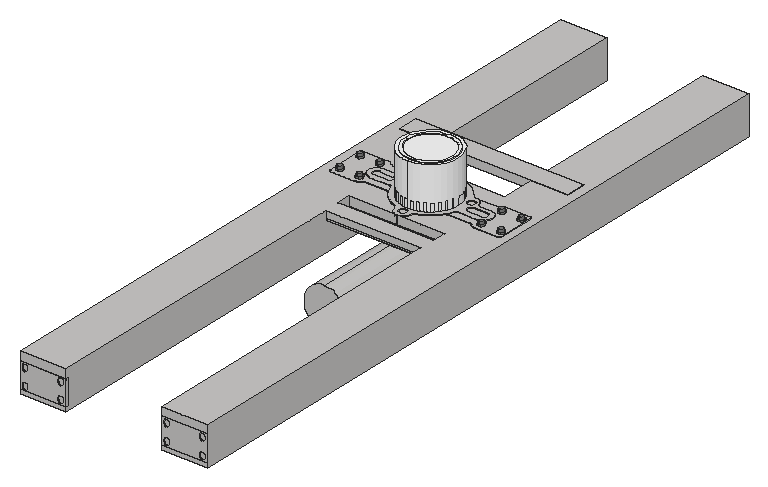
Revit family "Plate_System_Water_Coolers-Zurn-Industries_Z1217", category Plumbing Fixtures, host Face, Revit 2022 (continued)
Definition of nested family "Z1217-B"
  Automatic sketch dimensions
    Sweep 13 sketch curve to Sweep 13 sketch curve = 0.29938"  (x2)
    profile plane to Sweep 13 sketch curve = 0.34569"
    profile plane to Sweep 13 sketch curve = 0.17285"  (x2)
    Sweep 13 sketch curve to profile plane = 0.17285"  (x2)
    Sweep 14 sketch curve to plane 4 = 0.96875"
    Sweep 14 sketch curve to profile plane = 0.000"
    profile plane to Sweep 14 sketch curve = 0.34569"
    Sweep 14 sketch curve to Sweep 14 sketch curve = 0.29938"  (x2)
    Sweep 14 sketch curve to profile plane = 0.34569"
    profile plane to Sweep 14 sketch curve = 0.17285"  (x2)
    Sweep 14 sketch curve to profile plane = 0.17285"  (x2)
    Sweep 15 sketch curve to plane 4 = 0.96875"
    Sweep 15 sketch curve to profile plane = 0.000"
    Sweep 15 sketch curve to profile plane = 0.34569"
    Sweep 15 sketch curve to Sweep 15 sketch curve = 0.29938"  (x2)
    profile plane to Sweep 15 sketch curve = 0.34569"
    profile plane to Sweep 15 sketch curve = 0.17285"  (x2)
    Sweep 15 sketch curve to profile plane = 0.17285"  (x2)
    plane 4 to Sweep 16 sketch curve = 0.96875"
    Sweep 16 sketch curve to profile plane = 0.000"
    Sweep 16 sketch curve to profile plane = 0.34569"
    Sweep 16 sketch curve to Sweep 16 sketch curve = 0.29938"  (x2)
    profile plane to Sweep 16 sketch curve = 0.34569"
    profile plane to Sweep 16 sketch curve = 0.17285"  (x2)
    Sweep 16 sketch curve to profile plane = 0.17285"  (x2)
    Sweep 17 sketch curve to plane 4 = 0.96875"
    Sweep 17 sketch curve to profile plane = 0.000"
    profile plane to Sweep 17 sketch curve = 0.34569"
    Sweep 17 sketch curve to Sweep 17 sketch curve = 0.29938"  (x2)
    Sweep 17 sketch curve to profile plane = 0.34569"
    profile plane to Sweep 17 sketch curve = 0.17285"  (x2)
    Sweep 17 sketch curve to profile plane = 0.17285"  (x2)
    Sweep 19 sketch curve to plane 3 "Center (Left/Right)" = 0.000"
    Sweep 20 sketch curve to plane 5 = 0.000"
    profile plane to Sweep 20 sketch curve = 2.250"
    Sweep 20 sketch curve to profile plane = 2.250"
    Sweep 21 sketch curve to plane 4 = 0.000"
    profile plane to Sweep 21 sketch curve = 2.250"
    Sweep 21 sketch curve to profile plane = 2.250"
    Sweep 23 sketch curve to plane 4 = 0.000"
    Sweep 24 sketch curve to plane 3 "Center (Left/Right)" = 0.000"
    Sweep 24 sketch curve to Sweep 24 sketch curve = 0.000"  (x9)
    Sweep 24 sketch curve to Sweep 24 sketch curve = 0.09595"
    Sweep 24 sketch curve to Sweep 24 sketch curve = 0.1261"
    Sweep 24 sketch curve to profile plane = 1.0127"  (x2)
    Sweep 24 sketch curve to Sweep 24 sketch curve = 0.17731"
    Sweep 24 sketch curve to Sweep 24 sketch curve = 0.22851"
    Sweep 24 sketch curve to Sweep 24 sketch curve = 0.250"  (x4)
    Sweep 24 sketch curve to Sweep 24 sketch curve = 0.47034"  (x2)
    Sweep 24 sketch curve to Sweep 24 sketch curve = 0.52155"  (x2)
    Sweep 24 sketch curve to Sweep 24 sketch curve = 0.56668"
    Sweep 24 sketch curve to Sweep 24 sketch curve = 0.62082"
    Sweep 24 sketch curve to Sweep 24 sketch curve = 0.07352"
    Sweep 24 sketch curve to Sweep 24 sketch curve = 0.66788"
    Sweep 24 sketch curve to Sweep 24 sketch curve = 0.62231"
    Sweep 24 sketch curve to Sweep 24 sketch curve = 0.27172"
    Sweep 24 sketch curve to Sweep 24 sketch curve = 0.31729"
    Sweep 24 sketch curve to Sweep 24 sketch curve = 0.4402"
    Sweep 24 sketch curve to Sweep 24 sketch curve = 0.57276"
    Sweep 24 sketch curve to Sweep 24 sketch curve = 0.17187"
    Sweep 24 sketch curve to Sweep 24 sketch curve = 0.19137"
    profile plane to Sweep 24 sketch curve = 0.82192"
    Sweep 24 sketch curve to Sweep 24 sketch curve = 1.27036"
    profile plane to Sweep 24 sketch curve = 2.10324"
    Sweep 24 sketch curve to Sweep 24 sketch curve = 1.23533"
    Sweep 24 sketch curve to Sweep 24 sketch curve = 3.07279"
    Sweep 24 sketch curve to Sweep 24 sketch curve = 1.84843"
    Sweep 24 sketch curve to Sweep 24 sketch curve = 2.01985"  (x2)
    Sweep 24 sketch curve to Sweep 24 sketch curve = 0.77167"
    Sweep 24 sketch curve to Sweep 24 sketch curve = 0.8217"
    Sweep 24 sketch curve to Sweep 24 sketch curve = 2.27663"
    Sweep 24 sketch curve to Sweep 24 sketch curve = 1.94411"  (x2)
    Sweep 24 sketch curve to Sweep 24 sketch curve = 0.83861"
    Sweep 24 sketch curve to Sweep 24 sketch curve = 0.8456"
    Sweep 24 sketch curve to Sweep 24 sketch curve = 2.2027"
    plane 5 to Sweep 25 sketch curve = 0.20084"
    Sweep 25 sketch curve to profile plane = 0.54654"
    Sweep 25 sketch curve to Sweep 25 sketch curve = 0.29938"  (x2)
    profile plane to Sweep 25 sketch curve = 0.14485"
    Sweep 25 sketch curve to profile plane = 0.028"  (x2)
    Sweep 25 sketch curve to Sweep 25 sketch curve = 0.17285"
    Sweep 25 sketch curve to Sweep 25 sketch curve = 0.34569"
    Sweep 26 sketch curve to plane 5 = 0.125"
    profile plane to Sweep 26 sketch curve = 15.05761"
    Sweep 26 sketch curve to profile plane = 1.42089"
    Sweep 27 sketch curve to plane 4 = 0.20084"
    Sweep 27 sketch curve to plane 6 = 0.68985"
    Sweep 27 sketch curve to Sweep 27 sketch curve = 0.29938"  (x2)
    plane 11 to Sweep 28 sketch curve = 2.0937"
    profile plane to Sweep 28 sketch curve = 4.35305"
    Sweep 28 sketch curve to profile plane = 12.12546"
    plane 12 to Sweep 29 sketch curve = 1.05176"
    Sweep 30 sketch curve to plane 3 "Center (Left/Right)" = 0.35324"
    Sweep 30 sketch curve to Sweep 30 sketch curve = 0.000"  (x14)
    profile plane to Sweep 30 sketch curve = 3.48701"
    Sweep 30 sketch curve to Sweep 30 sketch curve = 0.03048"
    Sweep 30 sketch curve to Sweep 30 sketch curve = 1.08016"
    Sweep 30 sketch curve to Sweep 30 sketch curve = 0.13586"
    Sweep 30 sketch curve to Sweep 30 sketch curve = 0.60754"
    Sweep 30 sketch curve to Sweep 30 sketch curve = 0.81586"
    Sweep 30 sketch curve to Sweep 30 sketch curve = 0.19457"
    Sweep 30 sketch curve to profile plane = 0.46867"
    Sweep 30 sketch curve to Sweep 30 sketch curve = 1.27036"
    Sweep 30 sketch curve to profile plane = 1.750"
    Sweep 30 sketch curve to Sweep 30 sketch curve = 1.23533"
    Sweep 30 sketch curve to Sweep 30 sketch curve = 3.07279"
    Sweep 30 sketch curve to Sweep 30 sketch curve = 0.23772"
    Sweep 30 sketch curve to Sweep 30 sketch curve = 0.07217"
    Sweep 30 sketch curve to Sweep 30 sketch curve = 0.60783"
    Sweep 30 sketch curve to Sweep 30 sketch curve = 0.11136"
    Sweep 30 sketch curve to Sweep 30 sketch curve = 1.2465"
    Sweep 30 sketch curve to Sweep 30 sketch curve = 0.00712"
    Sweep 30 sketch curve to Sweep 30 sketch curve = 0.02525"
    Sweep 30 sketch curve to Sweep 30 sketch curve = 0.03682"
    Sweep 30 sketch curve to Sweep 30 sketch curve = 0.01156"
    Sweep 30 sketch curve to Sweep 30 sketch curve = 0.03501"
    Sweep 30 sketch curve to Sweep 30 sketch curve = 0.250"
    Sweep 30 sketch curve to Sweep 30 sketch curve = 0.32003"
    Sweep 30 sketch curve to Sweep 30 sketch curve = 1.17876"
    Sweep 30 sketch curve to Sweep 30 sketch curve = 1.30668"
    Sweep 30 sketch curve to Sweep 30 sketch curve = 0.45677"  (x2)
    Sweep 30 sketch curve to Sweep 30 sketch curve = 0.3886"
    Sweep 30 sketch curve to Sweep 30 sketch curve = 0.00269"
    Sweep 30 sketch curve to Sweep 30 sketch curve = 0.03359"
    Sweep 30 sketch curve to Sweep 30 sketch curve = 0.30786"
    Sweep 30 sketch curve to Sweep 30 sketch curve = 0.30827"
    Sweep 30 sketch curve to Sweep 30 sketch curve = 0.14062"
    Sweep 30 sketch curve to Sweep 30 sketch curve = 0.16012"
    Sweep 30 sketch curve to Sweep 30 sketch curve = 0.43009"
    Sweep 31 sketch curve to plane 12 = 0.40026"
    profile plane to Sweep 31 sketch curve = 8.77492"
    Sweep 31 sketch curve to profile plane = 7.97439"
    plane 8 to Sweep 32 sketch curve = 0.00868"
    profile plane to Sweep 32 sketch curve = 0.000"
    Sweep 32 sketch curve to plane 3 "Center (Left/Right)" = 2.11954"
    Sweep 33 sketch curve to plane 3 "Center (Left/Right)" = 2.11954"
    plane 1 "Center (Front/Back)" to Sweep 18 sketch curve = 0.000"
    profile plane to Sweep 18 sketch curve = 11.3129"
    Sweep 18 sketch curve to Sweep 18 sketch curve = 4.500"
    profile plane to Sweep 29 sketch curve = 6.56249"
    plane 11 to curve 1 = 1.28655"
    plane 5 to curve 1 = 2.250"
    curve 2 to plane 4 = 2.250"
    plane 4 to curve 2 = 2.250"
    curve 3 to plane 6 = 0.000"
    curve 3 to curve 3 = 0.125"
    Extrusion 35 sketch curve to plane 6 = 0.000"
    Extrusion 35 sketch curve to plane 11 = 2.25935"
    Extrusion 35 sketch curve to plane 6 = 0.8147"
    plane 4 to Extrusion 35 sketch curve = 1.29589"
    curve 7 to plane 27 = 0.000"
    curve 7 to plane 23 = 0.000"
    radius of Sweep 5 sketch curve = 0.21875"  (x4)
    radius of Sweep 5 sketch curve = 1.750"
    radius of Sweep 5 sketch curve = 0.373"  (x3)
    radius of Sweep 6 sketch curve = 0.21875"
    radius of Sweep 7 sketch curve = 0.21875"
    radius of Sweep 8 sketch curve = 0.21875"
    radius of Sweep 9 sketch curve = 0.21875"
    radius of Sweep 10 sketch curve = 0.21875"
    radius of Sweep 11 sketch curve = 0.21875"
    radius of Sweep 12 sketch curve = 0.21875"
    radius of Sweep 13 sketch curve = 0.21875"
    radius of Sweep 14 sketch curve = 0.21875"
    radius of Sweep 15 sketch curve = 0.21875"
    radius of Sweep 16 sketch curve = 0.21875"
    radius of Sweep 17 sketch curve = 0.21875"
    radius of Sweep 30 sketch curve = 1.750"
    radius of Sweep 30 sketch curve = 0.373"  (x3)
    radius of Sweep 32 sketch curve = 1.9994"
    radius of Sweep 33 sketch curve = 1.9994"
  Nested families
    nested 1: "Coupling" at (-53.836, 1111.25, 0) x (-1, 0, 0) z (0, 0, 1), type "Coupling"
      with Coupling Vertical Dimension 5.000", Coupling Horizontal Dimension 3.375"
  Definition of nested family "Coupling"
    Parameters (values of type "Coupling")
      Default Elevation = 48.000"
      Coupling Vertical Adjustment = 5.000"
      Coupling Vertical Dimension [instance] = if(Coupling Vertical Adjustment > 6.500", 6.500", if(Coupling Vertical Adjustment < 4.000", 4.000", Coupling Vertical Adjustment))  # 5.000"
      Coupling Horizontal Dimension [instance] = if(Coupling Horizontal Adjustment > 4.125", 4.125", if(Coupling Horizontal Adjustment < 3.375", 3.375", Coupling Horizontal Adjustment))  # 4.125"
      Coupling Horizontal Adjustment = 4.125"
      Coupling Material = none
      Bracket Material = none
      Bolt Material = none
    Reference planes
      plane 1 "Center (Front/Back)": y = 0
      plane 2: z = 0
      plane 3 "Center (Left/Right)": x = 0
      plane 4: z = -104.775
      plane 5: z = -200.025
      plane 6: x = -114.3
      plane 7: x = 114.3
      plane 8: y = 377.825
      plane 9: z = 25.4
      plane 10: z = -187.325
      plane 11: y = 317.5
      plane 12 "Coupling Plane": y = 127
      plane 13: y = 101.6
      plane 14: x = 0
      plane 15: y = 152.4
      plane 16: x = 0
      plane 17: z = 0
      plane 18: x = -69.641
      plane 19: x = 69.85
      plane 20: y = 196.85
      plane 21: y = 57.15
    Forms (mm)
      Revolve 1, solid, material <- "Coupling Material", detail levels fine
        sketch origin (0, 127, 0) x (1, 0, 0) y (0, 0, 1)
          loop
            line (-61.776, 19.05) -> (-61.776, 11.043) -> (-59.829, 0) -> (-58.868, 0) -> (-58.868, -85.771) -> (-69.85, -85.771) -> (-69.85, -104.775) -> (-50.785, -104.775) -> (-50.785, -13.227) -> (-54.755, -6.35) -> (-54.755, 19.05) -> (-61.776, 19.05)
          axis (0, 19.05) -> (0, -104.775)
        angle from 0 to 360
      Sweep 2, solid, not visible
        path origin (0, 0, 0) x (1, 0, 0) y (0, 0, 1)
          loop
            line (0, -13.227) -> (0, -25.4)
        profile origin (0, 0, -19.314) x (0, -1, 0) y (1, 0, 0)
          loop
            circle (-127, 0) r 50.8
          loop
            circle (-127, 0) r 54.755
      Sweep 3, void, detail levels fine
        path origin (0, 0, 0) x (1, 0, 0) y (0, 0, 1)
          loop
            line (0, -1.04) -> (0, 4.43)
        profile origin (0, 0, 1.695) x (-1, 0, 0) y (0, -1, 0)
          loop
            circle (0, -127) r 58.868
      Sweep 4, solid, material <- "Coupling Material", detail levels fine
        path origin (0, 0, 0) x (1, 0, 0) y (0, 0, 1)
          loop
            line (0, 19.05) -> (0, -104.775)
        profile origin (0, 0, -42.863) x (0, -1, 0) y (1, 0, 0)
          loop
            circle (-127, 0) r 69.85
    Lines and regions (mm)
      model lines, detail levels coarse+medium
        curve 1: line (0, 127, -104.775) -> (0, 127, 19.05)
        curve 2: line (-69.641, 127, 19.05) -> (69.85, 127, 19.05)
        curve 3: line (0, 196.85, 19.05) -> (0, 57.15, 19.05)
    Dimensions and locks
      locked: plane 5 to plane 4 at 95.25
      "Coupling Horizontal Dimension": level to plane 4
      equal spacing: plane 6, plane 3 "Center (Left/Right)", plane 7
      locked: plane 6 to plane 7 at 228.6
      locked: plane 1 "Center (Front/Back)" to plane 8 at 377.825
      locked: plane 9 to plane 2 at 25.4
      locked: plane 10 to plane 5 at 12.7
      "Coupling Vertical Dimension": plane 12 "Coupling Plane" to plane 1 "Center (Front/Back)"
      locked: plane 11 to plane 12 "Coupling Plane" at 190.5
      Revolve 1 sketch curve to Revolve 1 sketch curve to level = 0.31525" locked, 0.43475" locked
      level to Revolve 1 sketch curve to Revolve 1 sketch curve = 0.250" locked, 0.27076" locked
      locked: Revolve 1 sketch curve to plane 10 at 82.55
      level to Sweep 2 sketch curve to Sweep 2 sketch curve = 0.52076" locked, 0.47924" locked
      Sweep 3 sketch curve to level to Sweep 3 sketch curve = 0.17443" locked, 0.04096" locked
      locked: Revolve 1 sketch curve to plane 4 at 19.004
      locked: Sweep 4 sketch curve to level at 19.05
      plane 18 to plane 19 = 5.49177"
      aligned and locked: level to plane 2
      aligned and locked: Revolve 1 sketch curve to plane 16
      aligned and locked: Revolve 1 sketch curve to level
      aligned and locked: plane 12 "Coupling Plane" to Revolve 1
      aligned and locked: plane 12 "Coupling Plane" to Sweep 2 sketch curve  (x2)
      aligned and locked: plane 12 "Coupling Plane" to Sweep 3 sketch curve
      aligned and locked: plane 4 to Sweep 4 sketch curve
      aligned and locked: Sweep 4 to curve 1
      aligned and locked: plane 4 to curve 1
      aligned and locked: curve 1 to plane 12 "Coupling Plane"
      aligned and locked: curve 2 to plane 12 "Coupling Plane"
      aligned and locked: plane 19 to curve 2
      aligned and locked: plane 18 to curve 2
      aligned and locked: plane 21 to Sweep 4
      aligned and locked: plane 20 to Sweep 4
      aligned and locked: plane 20 to curve 3
      aligned and locked: plane 21 to curve 3
      aligned and locked: curve 3 to plane 16
    Automatic sketch dimensions
      Sweep 2 sketch curve to plane 3 "Center (Left/Right)" = 0.000"
      Sweep 2 sketch curve to Sweep 2 sketch curve = 0.000"
      Sweep 2 sketch curve to profile plane = 0.000"
      Sweep 3 sketch curve to plane 3 "Center (Left/Right)" = 0.000"
      Sweep 3 sketch curve to profile plane = 0.000"
      Revolve 1 sketch curve to plane 3 "Center (Left/Right)" = 1.9994"
      Revolve 1 sketch curve to Revolve 1 sketch curve = 0.15633"
      Revolve 1 sketch curve to Revolve 1 sketch curve = 0.1619"
      Revolve 1 sketch curve to Revolve 1 sketch curve = 0.03785"
      Revolve 1 sketch curve to Revolve 1 sketch curve = 0.27641"
      Revolve 1 sketch curve to Revolve 1 sketch curve = 0.43237"
      plane 10 to Revolve 1 sketch curve = 0.87501"
      Revolve 1 sketch curve to Revolve 1 sketch curve = 0.31228"
      Sweep 4 sketch curve to plane 3 "Center (Left/Right)" = 0.000"
      Sweep 4 sketch curve to profile plane = 0.000"
      Sweep 4 sketch curve to plane 1 "Center (Front/Back)" = 5.000"
      radius of Sweep 2 sketch curve = 2.000"
      radius of Sweep 2 sketch curve = 2.15573"
      radius of Sweep 3 sketch curve = 2.31763"
      radius of Sweep 4 sketch curve = 2.750"
